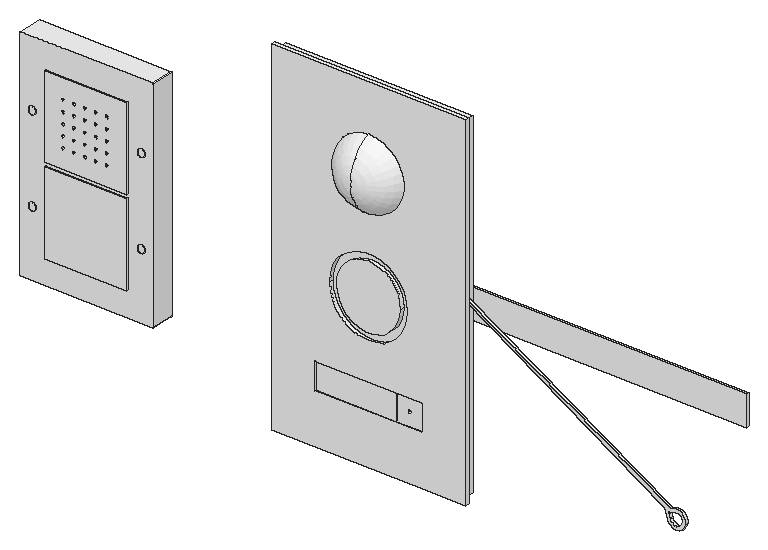
Revit family "Gira_049543", category Elektroinstallationen, Revit 2017
Family settings
  Basisbauteil = Wand
  Beschriftungsausrichtung beibehalten = Nein
  Bemaßung runder Anschluss = Durchmesser verwenden
  Teiletyp = Normal
  OmniClass-Nummer = 23.80.00.00
  OmniClass-Titel = Electric Power and Lighting
  Immer vertikal = Ja
  Beim Laden mit Abzugskörper schneiden = Nein
  Gemeinsam genutzt = Nein
  Raumberechnungspunkt = Nein
Parameters
  With video = no
  With info label = yes
  URL = "https://www.gira.de/"
  Typname = "SFH pkg audio Door communication c.alum."
  Productwebsite = "http://katalog.gira.de/en/datenblatt.html?artikelnr=049543"
  Number of outdoor stations = 1
  Number of indoor stations = 1
  Installation technique = "Bus system"
  Hersteller = "Gira"
  HAN = "049543"
  GTIN = "4010337495437"
  Data sheet = "https://katalog.gira.de/en/download.html?artikelnr=049543"
  Colour outdoor station = "Other"
  Colour indoor station = "White"
  Beschreibung = "SFH pack.Audio Door CAl,Single-family house audio package,,,"
  BIM = "https://media.stage.bim.site/public/gira/ad86d9f/Gira-Notrufset.rfa"
Reference planes
  plane 1: y = 0
  plane 2 "Mitte (Links/Rechts)": x = 125
  plane 3 "Hinten": y = 75
Text (mm)
  text "Platzierungsseite" at (-1867.185, 1116.779, 0), in view "Referenzebene"
  text "Platzierungsseite" at (0, 1270.507, 3001.832), in view "Links"
  text "Platzierungsseite" at (0, 530.812, 2999.686), in view "Rechts"
Dimensions and locks
  locked: plane 3 "Hinten" to host wall
  aligned and locked: plane 1 to host wall
Nested families
  nested 1: "42_126600_00-" at (25, -75, 1219.2) x (1, 0, 0) z (0, -1, 0), type "42_126600_00-"
  nested 2: "42_255120_00" at (245, -75, 1219.2) x (1, 0, 0) z (0, -1, 0), type "42_255120_00"
Definition of nested family "42_126600_00-"
  Parameters
    Default Elevation = 1219.2 mm
  Reference planes
    plane 1 "Center (Front/Back)": y = 0
    plane 2: z = 0
    plane 3 "Center (Left/Right)": x = 0
  Forms (mm)
    Extrusion 1, solid
      sketch origin (0, 0, 0) x (1, 0, 0) y (0, 1, 0)
        loop
          line (-1219.2, 1219.2) -> (-1219.2, -1219.2) -> (1219.2, -1219.2) -> (1219.2, 1219.2) -> (-1219.2, 1219.2)
      from 0 to -304.8
    Extrusion 2, solid, detail levels fine
      sketch origin (0, 0, 0) x (1, 0, 0) y (0, 1, 0)
        loop
          line (-55, 90.05) -> (-55, -90.05)
          spline (-55, -90.05) -> (-54.996, -90.115) -> (-54.983, -90.18) -> (-54.962, -90.241) -> (-54.933, -90.3) -> (-54.897, -90.354) -> (-54.854, -90.404) -> (-54.804, -90.447) -> (-54.75, -90.483) -> (-54.691, -90.512) -> (-54.63, -90.533) -> (-54.565, -90.546) -> (-54.5, -90.55)
          line (-54.5, -90.55) -> (54.5, -90.55)
          spline (54.5, -90.55) -> (54.565, -90.546) -> (54.63, -90.533) -> (54.691, -90.512) -> (54.75, -90.483) -> (54.804, -90.447) -> (54.854, -90.404) -> (54.897, -90.354) -> (54.933, -90.3) -> (54.962, -90.241) -> (54.983, -90.18) -> (54.996, -90.115) -> (55, -90.05)
          line (55, -90.05) -> (55, 90.05)
          spline (55, 90.05) -> (54.996, 90.115) -> (54.983, 90.18) -> (54.962, 90.241) -> (54.933, 90.3) -> (54.897, 90.354) -> (54.854, 90.404) -> (54.804, 90.447) -> (54.75, 90.483) -> (54.691, 90.512) -> (54.63, 90.533) -> (54.565, 90.546) -> (54.5, 90.55)
          line (54.5, 90.55) -> (-54.5, 90.55)
          spline (-54.5, 90.55) -> (-54.565, 90.546) -> (-54.63, 90.533) -> (-54.691, 90.512) -> (-54.75, 90.483) -> (-54.804, 90.447) -> (-54.854, 90.404) -> (-54.897, 90.354) -> (-54.933, 90.3) -> (-54.962, 90.241) -> (-54.983, 90.18) -> (-54.996, 90.115) -> (-55, 90.05)
        loop
          circle (-45, -35.6) r 3.2
        loop
          circle (-45, 35.5) r 3.2
        loop
          circle (45, 35.5) r 3.2
        loop
          circle (45, -35.6) r 3.2
      from 0 to 19
    Extrusion 3, solid, detail levels fine
      sketch origin (0, 0, 0) x (1, 0, 0) y (0, 1, 0)
        loop
          circle (-45, 35.55) r 3
        loop
          circle (-45, -35.55) r 3
        loop
          circle (45, -35.55) r 3
        loop
          circle (45, 35.55) r 3
      from 0 to 19
    Extrusion 4, solid, detail levels fine
      sketch origin (0, 0, 0) x (1, 0, 0) y (0, 1, 0)
        loop
          line (-33.9, 1.65) -> (33.9, 1.65) -> (33.9, 69.45) -> (-33.9, 69.45) -> (-33.9, 1.65)
        loop
          line (33.9, -1.65) -> (-33.9, -1.65) -> (-33.9, -69.45) -> (33.9, -69.45) -> (33.9, -1.65)
        loop
          circle (-18, 53.55) r 1.125
        loop
          circle (-9, 53.55) r 1.125
        loop
          circle (0, 53.55) r 1.125
        loop
          circle (9, 53.55) r 1.125
        loop
          circle (18, 53.55) r 1.125
        loop
          circle (18, 44.55) r 1.125
        loop
          circle (9, 44.55) r 1.125
        loop
          circle (18, 35.55) r 1.125
        loop
          circle (9, 35.55) r 1.125
        loop
          circle (0, 44.55) r 1.125
        loop
          circle (0, 35.55) r 1
        loop
          circle (0, 26.55) r 1.125
        loop
          circle (9, 26.55) r 1.125
        loop
          circle (18, 26.55) r 1.125
        loop
          circle (9, 17.55) r 1.125
        loop
          circle (18, 17.55) r 1.125
        loop
          circle (0, 17.55) r 1.125
        loop
          circle (-9, 17.55) r 1.125
        loop
          circle (-18, 17.55) r 1.125
        loop
          circle (-18, 26.55) r 1.125
        loop
          circle (-9, 26.55) r 1.125
        loop
          circle (-18, 35.55) r 1.125
        loop
          circle (-9, 35.55) r 1.175
        loop
          circle (-18, 44.55) r 1.125
        loop
          circle (-9, 44.55) r 1.125
      from 19 to 20.5
    Extrusion 5, solid, detail levels medium
      sketch origin (0, 0, 0) x (1, 0, 0) y (0, 1, 0)
        loop
          line (-55, 90.55) -> (-55, -90.55) -> (55, -90.55) -> (55, 90.55) -> (-55, 90.55)
      from 0 to 19
    Extrusion 6, solid, detail levels medium
      sketch origin (0, 0, 0) x (1, 0, 0) y (0, 1, 0)
        loop
          line (-33.9, 69.45) -> (-33.9, 1.65) -> (33.9, 1.65) -> (33.9, 69.45) -> (-33.9, 69.45)
        loop
          line (33.9, -1.65) -> (-33.9, -1.65) -> (-33.9, -69.45) -> (33.9, -69.45) -> (33.9, -1.65)
      from 19 to 20.5
    Extrusion 7, solid, detail levels coarse
      sketch origin (0, 0, 0) x (1, 0, 0) y (0, 1, 0)
        loop
          line (-55, 90.55) -> (-55, -90.55) -> (55, -90.55) -> (55, 90.55) -> (-55, 90.55)
      from 0 to 20.5
  Dimensions and locks
    aligned and locked: plane 2 to Extrusion 1
    aligned and locked: level to Extrusion 1
Definition of nested family "42_255120_00"
  Parameters
    Default Elevation = 1219.2 mm
  Reference planes
    plane 1 "Center (Front/Back)": y = 0
    plane 2: z = 0
    plane 3 "Center (Left/Right)": x = 0
  Forms (mm)
    Extrusion 1, solid
      sketch origin (0, 0, 0) x (1, 0, 0) y (0, 1, 0)
        loop
          line (-1219.2, 1219.2) -> (-1219.2, -1219.2) -> (1219.2, -1219.2) -> (1219.2, 1219.2) -> (-1219.2, 1219.2)
      from 0 to -304.8
    Extrusion 2, solid, detail levels fine
      sketch origin (0, 0, 0) x (1, 0, 0) y (0, 1, 0)
        loop
          line (-80, 142.65) -> (-80, -142.65) -> (36.621, -142.65) -> (80, -142.639) -> (80, 142.65) -> (-80, 142.65)
        loop
          circle (0, -16.6) r 32.35
        loop
          line (-44.7, -101.525) -> (44.7, -101.525) -> (44.7, -79.225) -> (-44.7, -79.225) -> (-44.7, -101.525)
      from 0 to 3
    Extrusion 3, solid, detail levels fine
      sketch origin (0, 0, 0) x (1, 0, 0) y (0, 1, 0)
        loop
          circle (0, -16.6) r 26.5
      from 0 to 3
    Extrusion 4, solid, detail levels fine
      sketch origin (0, 0, 0) x (1, 0, 0) y (0, 1, 0)
        loop
          line (22.6, -101.325) -> (44.5, -101.325) -> (44.5, -79.425) -> (22.6, -79.425) -> (22.6, -101.325)
        loop
          line (22.035, -101.525) -> (22.035, -79.225) -> (-44.7, -79.225) -> (-44.7, -101.525) -> (22.035, -101.525)
        loop
          circle (33.55, -90.375) r 1.5
      from 0 to 2
    Extrusion 5, solid, detail levels medium+fine
      sketch origin (0, 0, 0) x (1, 0, 0) y (0, 1, 0)
        loop
          line (-77, -139.35) -> (-67, -139.35) -> (-67, 129.65) -> (67, 129.65) -> (67, -139.35) -> (77, -139.35) -> (77, 139.65) -> (-77, 139.65) -> (-77, -139.35)
      from 0 to -7.9
    Extrusion 6, solid, detail levels medium+fine
      sketch origin (0, 0, 0) x (1, 0, 0) y (0, 1, 0)
        loop
          line (-52, 23.4) -> (-52, -64.6) -> (52, -64.6) -> (52, 23.4) -> (-52, 23.4)
        loop
          line (44, 37.025) -> (44, 113.025) -> (-44, 113.025) -> (-44, 37.025) -> (44, 37.025)
      from 0 to -21
    Extrusion 7, solid, detail levels medium+fine
      sketch origin (0, 0, 0) x (1, 0, 0) y (0, 1, 0)
        loop
          line (49.879, 10.18) -> (49.879, -14.32) -> (299.87, -14.32) -> (299.87, 10.18) -> (49.879, 10.18)
      from -14 to -12
    Extrusion 8, solid, detail levels medium+fine
      sketch origin (0, 0, 0) x (1, 0, 0) y (0, 1, 0)
        loop
          line (74.927, 7.452) -> (73.429, 5.43) -> (239.991, -90.734) -> (241.976, -98.144)
          arc (241.976, -98.144) -> (249.697, -103.896) -> (257.078, -97.713) r 7.765
          arc (257.078, -97.713) -> (254.643, -90.612) -> (247.35, -88.836) r 7.818
          line (247.35, -88.836) -> (243.492, -89.869) -> (74.927, 7.452)
        loop
          arc (244.391, -97.497) -> (253.734, -98.727) -> (247.997, -91.251) r 5.1
          line (247.997, -91.251) -> (243.071, -92.571) -> (244.391, -97.497)
      from -5 to -3
    Revolve 9, solid, detail levels medium+fine
      sketch origin (0, 0, 0) x (0, 1, 0) y (0, 0, 1)
        loop
          arc (104.025, 3) -> (92.36, 16.827) -> (75.025, 22) r 31.632
          line (75.025, 22) -> (75.025, 3) -> (104.025, 3)
        axis (75.025, 3) -> (75.025, 22)
      angle from 0 to 360
    Extrusion 10, solid, detail levels medium
      sketch origin (0, 0, 0) x (1, 0, 0) y (0, 1, 0)
        loop
          line (80, 142.65) -> (-80, 142.65) -> (-80, -142.65) -> (36.621, -142.65) -> (80, -142.639) -> (80, 142.65)
      from 0 to 3
    Extrusion 11, solid, detail levels coarse
      sketch origin (0, 0, 0) x (1, 0, 0) y (0, 1, 0)
        loop
          line (-80, -142.65) -> (36.621, -142.65) -> (80, -142.639) -> (80, 142.65) -> (-80, 142.65) -> (-80, -142.65)
      from -21 to 22.006
  Lines and regions (mm)
    model lines
      curve 1: line (0, 75.025, 3) -> (0, 104.025, 3)
  Dimensions and locks
    aligned and locked: plane 2 to Extrusion 1
    aligned and locked: level to Extrusion 1
